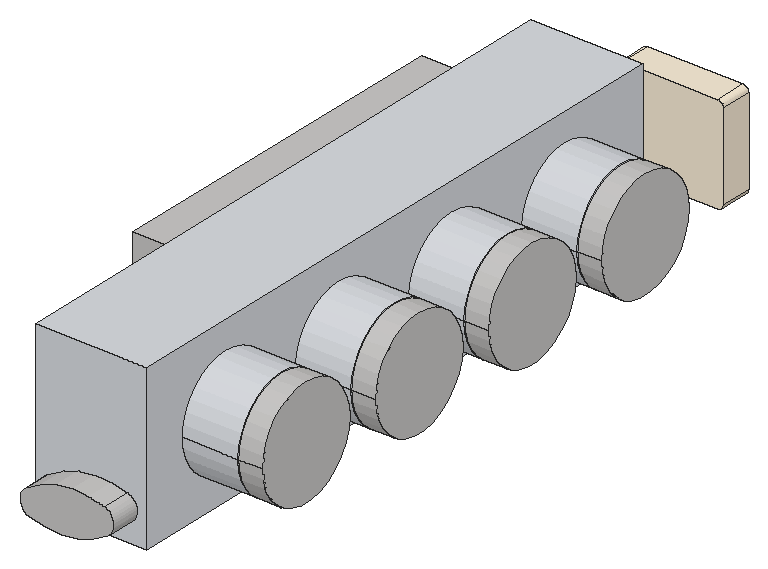
Revit family "HVAC_Ductwork_Airzone_Motorized-Plenum_Mitsubishi-Electric_Standard_4-Dampers", category Mechanical Equipment, Revit 2016
Family settings
  Part Type = Normal
  Round Connector Dimension = Use Diameter
  OmniClass Number = 23.75.70.14
  OmniClass Title = Air Ductwork
  Work Plane-Based = No
  Always vertical = Yes
  Cut with Voids When Loaded = No
  Shared = No
  Room Calculation Point = No
Parameters (values of type "MELST01XS4")
  Voltage = 230 V
  URL = "www.airzone.es"
  Type Image Comments = "Image available in product documentation download"  # constant formula
  Revit Model Version = "1.0"  # constant formula
  Revit Model Author URL = "www.a3d.es"
  Revit Model Author = "A3D Consulting"  # constant formula
  Product Documentation Download URL = "http://doc.airzone.es/BIM/Easyzone/Mitsubishi_Electric-Airzone_motorized_plenum.zip"
  Product Comments = "Refer to technical documentation for further details"  # constant formula
  Power Factor = 1
  Neck Width = 663.600 mm
  Neck Length = 95.000 mm
  Neck Height = 181.600 mm
  Material = Metal - AIRZONE - Galvanized Sheet - Semi-polished
  Main Control Board Material = Plastic - AIRZONE - Smooth - Off-white
  Load Classification = Other
  Insulated Body Width = 205.000 mm  # constant formula
  Insulated Body Material = Metal -AIRZONE - Insulating Lining -Aluminum Finish
  Insulated Body Length = 1140.000 mm  # constant formula
  Insulated Body Height = 300.000 mm  # constant formula
  Flow [instance] = Damper 4 Air Flow + Damper 3 Air Flow + Damper 2 Air Flow + Damper 1 Air Flow - Fresh Air Inlet 2 Flow - Fresh Air Inlet 1 Flow  # 1200 m³/h
  Fresh Air Inlet 1 Flow [instance] = 0 m³/h
  Fresh Air Inlet 2 Flow [instance] = 0 m³/h
  Fresh Air Inlet Connection Width = 175.000 mm
  Fresh Air Inlet Connection Height = 75.000 mm
  Model = "MELST01XS4"
  Neck Side Offset = 133.200 mm
  Neck Bottom Offset = 85.200 mm
  Type Image = <None>
  Manufacturer = "AIRZONE"  # constant formula
  Main Control Board Depth = 57.000 mm  # constant formula
  Main Control Board Width = 195.000 mm  # constant formula
  Main Control Board Height = 180.000 mm  # constant formula
  Fixing = ""
  Disclaimer = "All information provided in this model is reviewed before being published. However, Airzone cannot guarantee this model is error-free, therefore users are strongly encouraged to check for technical documentation and updates"  # constant formula
  Description = "Airzone standard motorized plenum with neck that mechanically adapts to the main ducted AC units of Mitsubishi Electric."
  Type Comments = ""
  Dampers Length = 149.000 mm  # constant formula
  Dampers Diameter = 200.000 mm  # constant formula
  Damper 4 Air Flow [instance] = 300 m³/h
  Damper 1 Air Flow [instance] = 300 m³/h
  Damper 2 Air Flow [instance] = 300 m³/h
  Damper 3 Air Flow [instance] = 300 m³/h
  Fresh Air Inlet Connection Offset Height = 48.305 mm  # constant formula
  Compatible Accesories = ""
  Apparent Load = 57.5 VA
Types (3, lengths in mm): name | Neck Width | Model | Neck Side Offset
  MELST01M4 | 1063.600 | "MELST01M4" | 38.200
  MELST01S4 | 863.600 | "MELST01S4" | 137.200
  MELST01XS4 | 663.600 | "MELST01XS4" | 133.200
Reference planes
  plane 1 "Center (Front/Back)": y = 0
  plane 2 "Center (Elevation)": z = 0
  plane 3 "Center (Left/Right)": x = 0
  plane 4 "Neck Back": y = 331.8
  plane 5 "Neck Front": y = -331.8
  plane 6 "Neck Top": z = 90.8
  plane 7 "Neck Bottom": z = -90.8
  plane 8 "Left": x = 95
  plane 9 "Bottom": z = -176
  plane 10 "Top": z = 124
  plane 11 "Front": y = -675
  plane 12 "Back": y = 465
  plane 13 "Right": x = 300
  plane 14 "Dampers Front": x = 449
  plane 15 "Dampers Center (Elevation)": z = -26
  plane 16 "Damper3": y = -235
  plane 17 "Damper2": y = 25
  plane 18 "Damper1": y = 285
  plane 19 "Middle": y = -105
  plane 20 "FreshAir Center (Elevation)": z = -127.695
  plane 21 "FreshAir1": y = 517.5
  plane 22 "FreshAir2": y = -727.5
  plane 23 "Dampers Lining": x = 404
  plane 24 "FreshAir Vertical Axis": x = 195.83
  plane 25 "ConnectionBox Side": x = 254
  plane 26 "Main Control Board Center (Left/Right)": x = 351.5
  plane 27 "Damper4": y = -495
Forms (mm)
  Extrusion 1, solid, material "Metal - AIRZONE - Galvanized Sheet - Semi-polished" <- "Material"
    sketch origin (0, 0, 0) x (0, 1, 0) y (0, 0, 1)
      loop
        line (-331.8, 90.8) -> (-331.8, -90.8) -> (331.8, -90.8) -> (331.8, 90.8) -> (-331.8, 90.8)
    from 0 to 95
  Extrusion 2, solid, material "Metal -AIRZONE - Insulating Lining -Aluminum Finish" <- "Insulated Body Material"
    sketch origin (95, 0, 0) x (0, 1, 0) y (0, 0, 1)
      loop
        line (-675, 124) -> (-675, -176) -> (465, -176) -> (465, 124) -> (-675, 124)
    from 0 to 205
  Extrusion 3, solid, material "Metal - AIRZONE - Galvanized Sheet - Semi-polished" <- "Material"
    sketch origin (300, 0, 0) x (0, 1, 0) y (0, 0, 1)
      loop
        circle (-235, -26) r 100
    from 104 to 149
  Extrusion 4, solid, material "Metal - AIRZONE - Galvanized Sheet - Semi-polished" <- "Material"
    sketch origin (300, 0, 0) x (0, 1, 0) y (0, 0, 1)
      loop
        circle (25, -26) r 100
    from 104 to 149
  Extrusion 5, solid, material "Metal - AIRZONE - Galvanized Sheet - Semi-polished" <- "Material"
    sketch origin (300, 0, 0) x (0, 1, 0) y (0, 0, 1)
      loop
        circle (285, -26) r 100
    from 104 to 149
  Extrusion 6, solid, material "Metal - AIRZONE - Galvanized Sheet - Semi-polished" <- "Material"
    sketch origin (0, -675, 0) x (0, 0, 1) y (1, 0, 0)
      loop
        arc (-95.141, 265.204) -> (-116.608, 282.105) -> (-141.312, 270.434) r 25.96
        arc (-141.312, 270.434) -> (-167.302, 200.598) -> (-159.849, 126.456) r 164.67
        arc (-159.849, 126.456) -> (-138.665, 109.589) -> (-113.994, 120.751) r 25.96
        arc (-113.994, 120.751) -> (-87.725, 190.78) -> (-95.141, 265.204) r 164.67
    from 0 to -52.5
  Extrusion 7, solid, material "Metal - AIRZONE - Galvanized Sheet - Semi-polished" <- "Material"
    sketch origin (0, 465, 0) x (0, 0, 1) y (1, 0, 0)
      loop
        arc (-95.141, 265.204) -> (-116.325, 282.071) -> (-140.996, 270.909) r 25.96
        arc (-140.996, 270.909) -> (-167.179, 201.53) -> (-160.267, 127.699) r 164.67
        arc (-160.267, 127.699) -> (-139.032, 109.637) -> (-113.678, 121.226) r 25.96
        arc (-113.678, 121.226) -> (-87.688, 191.062) -> (-95.141, 265.204) r 164.67
    from 0 to 52.5
  Extrusion 8, solid, material "Metal -AIRZONE - Insulating Lining -Aluminum Finish" <- "Insulated Body Material"
    sketch origin (300, 0, 0) x (0, 1, 0) y (0, 0, 1)
      loop
        circle (285, -26) r 100
    from 0 to 104
  Extrusion 9, solid, material "Metal -AIRZONE - Insulating Lining -Aluminum Finish" <- "Insulated Body Material"
    sketch origin (300, -260, 0) x (0, 1, 0) y (0, 0, 1)
      loop
        circle (285, -26) r 100
    from 0 to 104
  Extrusion 10, solid, material "Metal -AIRZONE - Insulating Lining -Aluminum Finish" <- "Insulated Body Material"
    sketch origin (300, -520, 0) x (0, 1, 0) y (0, 0, 1)
      loop
        circle (285, -26) r 100
    from 0 to 104
  Extrusion 11, solid, material "Metal - AIRZONE - Galvanized Sheet - Semi-polished" <- "Material"
    sketch origin (300, -190, 0) x (0, 1, 0) y (0, 0, 1)
      loop
        circle (-305, -26) r 100
    from 104 to 149
  Extrusion 12, solid, material "Metal -AIRZONE - Insulating Lining -Aluminum Finish" <- "Insulated Body Material"
    sketch origin (300, -710, 0) x (0, 1, 0) y (0, 0, 1)
      loop
        circle (215, -26) r 100
    from 0 to 104
Lines and regions (mm)
  Masking region 1
    outline origin (0, 0, 0) x (1, 0, 0) y (0, 1, 0)
      loop
        line (95, 465) -> (95, -675) -> (300, -675) -> (300, 465) -> (95, 465)
  Masking region 2, detail levels medium+fine
    outline origin (0, 0, 0) x (1, 0, 0) y (0, 1, 0)
      loop
        line (0, 331.8) -> (0, -331.8) -> (95, -331.8) -> (95, 331.8) -> (0, 331.8)
  Masking region 3, detail levels medium+fine
    outline origin (0, 0, 0) x (1, 0, 0) y (0, 1, 0)
      loop
        line (300, -135) -> (300, -335) -> (449, -335) -> (449, -135) -> (300, -135)
  Masking region 4, detail levels medium+fine
    outline origin (0, 260, 0) x (1, 0, 0) y (0, 1, 0)
      loop
        line (300, -135) -> (300, -335) -> (449, -335) -> (449, -135) -> (300, -135)
  Masking region 5, detail levels medium+fine
    outline origin (0, 520, 0) x (1, 0, 0) y (0, 1, 0)
      loop
        line (300, -135) -> (300, -335) -> (449, -335) -> (449, -135) -> (300, -135)
  Masking region 6, detail levels medium+fine
    outline origin (0, 0, -127.695) x (1, 0, 0) y (0, 1, 0)
      loop
        line (108.33, 517.5) -> (108.33, 465) -> (283.33, 465) -> (283.33, 517.5) -> (108.33, 517.5)
  Masking region 7, detail levels medium+fine
    outline origin (0, 0, -127.695) x (1, 0, 0) y (0, 1, 0)
      loop
        line (108.33, -675) -> (108.33, -727.5) -> (283.33, -727.5) -> (283.33, -675) -> (108.33, -675)
  Masking region 8, detail levels medium+fine
    outline origin (0, 0, 124) x (0, -1, 0) y (1, 0, 0)
      loop
        line (-522, 254) -> (-465, 254) -> (-465, 449) -> (-522, 449) -> (-522, 254)
  Masking region 9, detail levels medium+fine
    outline origin (0, -190, 0) x (1, 0, 0) y (0, 1, 0)
      loop
        line (300, -205) -> (300, -405) -> (449, -405) -> (449, -205) -> (300, -205)
  symbolic lines, detail levels coarse
    curve 1: line (95, -675, 0) -> (300, -105, 0)
    curve 2: line (300, -105, 0) -> (95, 465, 0)
Dimensions and locks
  equal spacing: plane 4 "Neck Back", plane 1 "Center (Front/Back)", plane 5 "Neck Front"
  "Neck Width": plane 4 "Neck Back" to plane 5 "Neck Front"
  equal spacing: plane 6 "Neck Top", level, plane 7 "Neck Bottom"
  "Neck Height": plane 6 "Neck Top" to plane 7 "Neck Bottom"
  "Neck Length": plane 3 "Center (Left/Right)" to plane 8 "Left"
  "Neck Bottom Offset": plane 7 "Neck Bottom" to plane 9 "Bottom"
  "Insulated Body Height": plane 10 "Top" to plane 9 "Bottom"
  "Insulated Body Length": plane 12 "Back" to plane 11 "Front"
  "Insulated Body Width": plane 8 "Left" to plane 13 "Right"
  "Dampers Length": plane 13 "Right" to plane 14 "Dampers Front"
  equal spacing: plane 10 "Top", plane 15 "Dampers Center (Elevation)", plane 9 "Bottom"
  equal spacing: plane 12 "Back", plane 19 "Middle", plane 11 "Front"
  plane 8 "Left" to plane 13 "Right" = 205.000 mm
  "Fresh Air Inlet Connection Offset Height": plane 20 "FreshAir Center (Elevation)" to plane 9 "Bottom"
  locked: Extrusion 6 sketch curve to plane 9 "Bottom" at 56.47
  locked: plane 13 "Right" to Extrusion 6 sketch curve at 43.69
  locked: plane 13 "Right" to Extrusion 6 sketch curve at 164.65
  locked: Extrusion 6 sketch curve to plane 9 "Bottom" at 40.54
  locked: plane 13 "Right" to Extrusion 6 sketch curve at 87.91
  locked: plane 9 "Bottom" to Extrusion 6 sketch curve at 75.01
  locked: plane 13 "Right" to Extrusion 6 sketch curve at 120.43
  locked: Extrusion 6 sketch curve to plane 9 "Bottom" at 172.02
  locked: plane 13 "Right" to Extrusion 7 sketch curve at 43.69
  locked: Extrusion 7 sketch curve to plane 9 "Bottom" at 56.47
  locked: Extrusion 7 sketch curve to plane 9 "Bottom" at 40.54
  locked: plane 13 "Right" to Extrusion 7 sketch curve at 164.65
  locked: plane 13 "Right" to Extrusion 7 sketch curve at 120.43
  locked: Extrusion 7 sketch curve to plane 9 "Bottom" at 172.02
  locked: plane 9 "Bottom" to Extrusion 7 sketch curve at 75.01
  locked: plane 13 "Right" to Extrusion 7 sketch curve at 87.91
  "Neck Side Offset": plane 12 "Back" to plane 4 "Neck Back"
  locked: plane 21 "FreshAir1" to plane 12 "Back" at 52.5
  plane 11 "Front" to plane 22 "FreshAir2" = 52.500 mm
  locked: connector elem to plane 13 "Right" at 104.17
  locked: plane 20 "FreshAir Center (Elevation)" to connector elem
  locked: plane 13 "Right" to connector elem at 104.17
  locked: connector elem to plane 20 "FreshAir Center (Elevation)"
  locked: plane 23 "Dampers Lining" to plane 14 "Dampers Front" at 45
  locked: plane 24 "FreshAir Vertical Axis" to plane 13 "Right" at 104.17
  equal spacing: Masking region 3 sketch curve, plane 16 "Damper3", Masking region 3 sketch curve
  "Dampers Diameter": Masking region 3 sketch curve to Masking region 3 sketch curve
  "Dampers Diameter": Masking region 4 sketch curve to Masking region 4 sketch curve
  equal spacing: Masking region 5 sketch curve, plane 18 "Damper1", Masking region 5 sketch curve
  "Dampers Diameter": Masking region 5 sketch curve to Masking region 5 sketch curve
  equal spacing: Masking region 6 sketch curve, plane 24 "FreshAir Vertical Axis", Masking region 6 sketch curve
  "Fresh Air Inlet Connection Width": Masking region 6 sketch curve to Masking region 6 sketch curve
  equal spacing: Masking region 7 sketch curve, plane 24 "FreshAir Vertical Axis", Masking region 7 sketch curve
  "Fresh Air Inlet Connection Width": Masking region 7 sketch curve to Masking region 7 sketch curve
  "Main Control Board Depth": Masking region 8 sketch curve to plane 12 "Back"
  "Main Control Board Width": plane 25 "ConnectionBox Side" to plane 14 "Dampers Front"
  equal spacing: plane 25 "ConnectionBox Side", plane 26 "Main Control Board Center (Left/Right)", plane 14 "Dampers Front"
  locked: nested 1 to plane 10 "Top" at 10
  equal spacing: Masking region 4 sketch curve, plane 17 "Damper2", Masking region 4 sketch curve
  equal spacing: Masking region 9 sketch curve, plane 27 "Damper4", Masking region 9 sketch curve
  "Dampers Diameter": Masking region 9 sketch curve to Masking region 9 sketch curve
  plane 18 "Damper1" to plane 17 "Damper2" to plane 16 "Damper3" to plane 27 "Damper4" = 260.000 mm locked, 260.000 mm locked, 260.000 mm locked
  locked: plane 17 "Damper2" to plane 19 "Middle" at 130
  "Dampers Diameter": diameter of Extrusion 3 sketch curve
  "Dampers Diameter": diameter of Extrusion 4 sketch curve
  "Dampers Diameter": diameter of Extrusion 5 sketch curve
  radius of Extrusion 7 sketch curve = 164.670 mm  (x2)
  radius of Extrusion 7 sketch curve = 25.960 mm  (x2)
  radius of Extrusion 6 sketch curve = 164.670 mm  (x2)
  radius of Extrusion 6 sketch curve = 25.960 mm  (x2)
  "Dampers Diameter": diameter of Extrusion 8 sketch curve
  "Dampers Diameter": diameter of Extrusion 9 sketch curve
  "Dampers Diameter": diameter of Extrusion 10 sketch curve
  "Dampers Diameter": diameter of Extrusion 11 sketch curve
  "Dampers Diameter": diameter of Extrusion 12 sketch curve
  aligned and locked: level to plane 2 "Center (Elevation)"
  aligned and locked: plane 5 "Neck Front" to Extrusion 1 sketch curve
  aligned and locked: Extrusion 1 sketch curve to plane 6 "Neck Top"
  aligned and locked: Extrusion 1 sketch curve to plane 4 "Neck Back"
  aligned and locked: plane 7 "Neck Bottom" to Extrusion 1 sketch curve
  aligned and locked: Extrusion 1 to plane 3 "Center (Left/Right)"
  aligned and locked: Extrusion 2 sketch curve to plane 10 "Top"
  aligned and locked: Extrusion 2 sketch curve to plane 12 "Back"
  aligned and locked: plane 9 "Bottom" to Extrusion 2 sketch curve
  aligned and locked: plane 11 "Front" to Extrusion 2 sketch curve
  aligned and locked: plane 13 "Right" to Extrusion 2
  aligned and locked: Extrusion 2 to plane 8 "Left"
  aligned and locked: plane 16 "Damper3" to Extrusion 3 sketch curve
  aligned and locked: plane 15 "Dampers Center (Elevation)" to Extrusion 3 sketch curve
  aligned and locked: plane 15 "Dampers Center (Elevation)" to Extrusion 4 sketch curve
  aligned and locked: plane 18 "Damper1" to Extrusion 5 sketch curve
  aligned and locked: plane 15 "Dampers Center (Elevation)" to Extrusion 5 sketch curve
  aligned and locked: plane 14 "Dampers Front" to Extrusion 5
  aligned and locked: plane 14 "Dampers Front" to Extrusion 4
  aligned and locked: plane 14 "Dampers Front" to Extrusion 3
  aligned and locked: plane 8 "Left" to Extrusion 1
  aligned and locked: plane 22 "FreshAir2" to Extrusion 6
  aligned and locked: plane 21 "FreshAir1" to Extrusion 7
  aligned and locked: Extrusion 7 to plane 12 "Back"
  aligned and locked: plane 11 "Front" to Extrusion 6
  aligned and locked: Extrusion 5 to plane 23 "Dampers Lining"
  aligned and locked: Extrusion 5 to Extrusion 4
  aligned and locked: Extrusion 4 to Extrusion 3
  aligned and locked: plane 23 "Dampers Lining" to Extrusion 8
  aligned and locked: Extrusion 10 to plane 13 "Right"
  aligned and locked: plane 23 "Dampers Lining" to Extrusion 10
  aligned and locked: Extrusion 9 to plane 13 "Right"
  aligned and locked: plane 23 "Dampers Lining" to Extrusion 9
  aligned and locked: Extrusion 8 to plane 13 "Right"
  aligned and locked: Extrusion 9 to Extrusion 8
  aligned and locked: plane 18 "Damper1" to Extrusion 8 sketch curve
  aligned and locked: plane 15 "Dampers Center (Elevation)" to Extrusion 8 sketch curve
  aligned and locked: plane 15 "Dampers Center (Elevation)" to Extrusion 9 sketch curve
  aligned and locked: plane 16 "Damper3" to Extrusion 10 sketch curve
  aligned and locked: plane 15 "Dampers Center (Elevation)" to Extrusion 10 sketch curve
  aligned and locked: Masking region 1 sketch curve to plane 12 "Back"
  aligned and locked: plane 8 "Left" to Masking region 1 sketch curve
  aligned and locked: Masking region 1 sketch curve to plane 13 "Right"
  aligned and locked: plane 11 "Front" to Masking region 1 sketch curve
  aligned and locked: plane 5 "Neck Front" to Masking region 2 sketch curve
  aligned and locked: plane 3 "Center (Left/Right)" to Masking region 2 sketch curve
  aligned and locked: Masking region 2 sketch curve to plane 4 "Neck Back"
  aligned and locked: Masking region 2 sketch curve to plane 8 "Left"
  aligned and locked: plane 13 "Right" to Masking region 3 sketch curve
  aligned and locked: Masking region 3 sketch curve to plane 14 "Dampers Front"
  aligned and locked: plane 13 "Right" to Masking region 4 sketch curve
  aligned and locked: Masking region 4 sketch curve to plane 14 "Dampers Front"
  aligned and locked: plane 13 "Right" to Masking region 5 sketch curve
  aligned and locked: Masking region 5 sketch curve to plane 14 "Dampers Front"
  aligned and locked: plane 12 "Back" to Masking region 6 sketch curve
  aligned and locked: Masking region 6 sketch curve to plane 21 "FreshAir1"
  aligned and locked: Masking region 7 sketch curve to plane 11 "Front"
  aligned and locked: Masking region 7 sketch curve to plane 22 "FreshAir2"
  aligned and locked: plane 12 "Back" to Masking region 8 sketch curve
  aligned and locked: Masking region 8 sketch curve to plane 14 "Dampers Front"
  aligned and locked: plane 25 "ConnectionBox Side" to Masking region 8 sketch curve
  aligned and locked: plane 17 "Damper2" to Extrusion 9 sketch curve
  aligned and locked: plane 17 "Damper2" to Extrusion 4 sketch curve
  aligned and locked: Masking region 9 sketch curve to plane 14 "Dampers Front"
  aligned and locked: plane 13 "Right" to Masking region 9 sketch curve
  aligned and locked: Extrusion 12 to plane 13 "Right"
  aligned and locked: plane 23 "Dampers Lining" to Extrusion 12
  aligned and locked: Extrusion 11 to plane 23 "Dampers Lining"
  aligned and locked: plane 14 "Dampers Front" to Extrusion 11
  aligned and locked: plane 15 "Dampers Center (Elevation)" to Extrusion 12 sketch curve
  aligned and locked: plane 27 "Damper4" to Extrusion 12 sketch curve
  aligned and locked: plane 15 "Dampers Center (Elevation)" to Extrusion 11 sketch curve
  aligned and locked: plane 27 "Damper4" to Extrusion 11 sketch curve
  aligned and locked: nested 1 to plane 26 "Main Control Board Center (Left/Right)"
Automatic sketch dimensions
  curve 2 to plane 8 "Left" = 0.000 mm
  curve 1 to plane 8 "Left" = 0.000 mm
  curve 2 to plane 13 "Right" = 0.000 mm
  curve 1 to plane 11 "Front" = 0.000 mm
  curve 2 to plane 19 "Middle" = 0.000 mm
  curve 2 to plane 12 "Back" = 0.000 mm
Nested families
  nested 1: "Airzone_Main-Control-Board" at (351.5, 465, 24) x (-1, 0, 0) z (0, 1, 0), Extrusion <- "Main Control Board Depth", Height <- "Main Control Board Height", Width <- "Main Control Board Width", Material <- "Main Control Board Material", type "Standard"
    with Width 195.000 mm, Material Plastic - AIRZONE - Smooth - Off-white, Height 180.000 mm, Extrusion 57.000 mm
Connectors
  hvac at (449, -235, -26), driven by "Damper 3 Air Flow", driven by "Dampers Diameter"
    settings: on Extrusion 3, index 1, duct flow 300 m³/h, flow factor 0, pres drop 0.0 Pa, loss coef 0, conn angle 0.00°, conn width 304.8 mm, conn height 304.8 mm, conn diameter 200 mm, duct sys type 1, conn prof type 0, flow config 0, flow direction 2, loss method 0, conn ref index -1, conn util no, is conn primary no, conn desc "Supply Air Out 3"
  hvac at (449, 25, -26), driven by "Damper 2 Air Flow", driven by "Dampers Diameter"
    settings: on Extrusion 4, index 2, duct flow 300 m³/h, flow factor 0, pres drop 0.0 Pa, loss coef 0, conn angle 0.00°, conn width 304.8 mm, conn height 304.8 mm, conn diameter 200 mm, duct sys type 1, conn prof type 0, flow config 0, flow direction 2, loss method 0, conn ref index -1, conn util no, is conn primary no, conn desc "Supply Air Out 2"
  hvac at (449, 285, -26), driven by "Damper 1 Air Flow", driven by "Dampers Diameter"
    settings: on Extrusion 5, index 3, duct flow 300 m³/h, flow factor 0, pres drop 0.0 Pa, loss coef 0, conn angle 0.00°, conn width 304.8 mm, conn height 304.8 mm, conn diameter 200 mm, duct sys type 1, conn prof type 0, flow config 0, flow direction 2, loss method 0, conn ref index -1, conn util no, is conn primary no, conn desc "Supply Air Out 1"
  hvac at (0, 0, 0), driven by "Flow", driven by "Neck Height", driven by "Neck Width"
    settings: on Extrusion 1, index 6, duct flow 1200 m³/h, flow factor 0, pres drop 0.0 Pa, loss coef 0, conn angle 0.00°, conn width 663.6 mm, conn height 181.6 mm, conn diameter 609.6 mm, duct sys type 1, conn prof type 1, flow config 1, flow direction 1, loss method 0, conn ref index -1, conn util no, is conn primary yes, conn desc "Supply Air In"
  hvac at (195.83, -727.5, -127.695), driven by "Fresh Air Inlet 2 Flow", driven by "Fresh Air Inlet Connection Width", driven by "Fresh Air Inlet Connection Height"
    settings: index 7, duct flow 0 m³/h, flow factor 0, pres drop 0.0 Pa, loss coef 0, conn angle 0.00°, conn width 175 mm, conn height 75 mm, conn diameter 609.6 mm, duct sys type 1, conn prof type 2, flow config 1, flow direction 1, loss method 0, conn ref index -1, conn util no, is conn primary no, conn desc "Fresh Air In 2"
  hvac at (195.83, 517.5, -127.695), driven by "Fresh Air Inlet 1 Flow", driven by "Fresh Air Inlet Connection Height", driven by "Fresh Air Inlet Connection Width"
    settings: index 8, duct flow 0 m³/h, flow factor 0, pres drop 0.0 Pa, loss coef 0, conn angle 0.00°, conn width 175 mm, conn height 75 mm, conn diameter 609.6 mm, duct sys type 1, conn prof type 2, flow config 1, flow direction 1, loss method 0, conn ref index -1, conn util no, is conn primary no, conn desc "Fresh Air In 1"
  hvac at (449, -495, -26), driven by "Damper 4 Air Flow", driven by "Dampers Diameter"
    settings: on Extrusion 11, index 9, duct flow 300 m³/h, flow factor 0, pres drop 0.0 Pa, loss coef 0, conn angle 0.00°, conn width 304.8 mm, conn height 304.8 mm, conn diameter 200 mm, duct sys type 1, conn prof type 0, flow config 0, flow direction 2, loss method 0, conn ref index -1, conn util no, is conn primary no, conn desc "Supply Air Out 4"
  electrical at (351.5, 522, 24), driven by "Load Classification", driven by "Voltage", driven by "Apparent Load", driven by "Power Factor"
    settings: on nested 1, index 10, voltage 230 V, apparent load 57.5 VA, apparent load phase1 0 VA, apparent load phase2 0 VA, apparent load phase3 0 VA, power factor 1, load classification "Other", number of poles 1, system type 30, power factor state 1, is connector primary yes, connector utility no, sub classification motor no, connector description "Power Supply"
Definition of nested family "Airzone_Main-Control-Board"
  Parameters (values of type "Standard")
    Width [instance] = 195.000 mm
    URL = "www.airzone.es"
    Revit Model Version = "1.0"  # constant formula
    Revit Model Author URL = "www.a3d.es"
    Revit Model Author = "A3D Consulting"  # constant formula
    Material [instance] = none
    Manufacturer = "AIRZONE"  # constant formula
    Height [instance] = 180.000 mm
    Extrusion [instance] = 57.000 mm
    Default Elevation = 0.000 mm
  Reference planes
    plane 1 "Center (Front/Back)": y = 0
    plane 2: z = 0
    plane 3 "Center (Left/Right)": x = 0
    plane 4: y = 90
    plane 5: y = -90
    plane 6: x = 97.5
    plane 7: x = -97.5
  Forms (mm)
    Extrusion 1, solid, material <- "Material"
      sketch origin (0, 0, 0) x (1, 0, 0) y (0, 1, 0)
        loop
          arc (-87.5, 90) -> (-94.571, 87.071) -> (-97.5, 80) r 10
          line (-97.5, 80) -> (-97.5, -80)
          arc (-97.5, -80) -> (-94.571, -87.071) -> (-87.5, -90) r 10
          line (-87.5, -90) -> (87.5, -90)
          arc (87.5, -90) -> (94.571, -87.071) -> (97.5, -80) r 10
          line (97.5, -80) -> (97.5, 80)
          arc (97.5, 80) -> (94.571, 87.071) -> (87.5, 90) r 10
          line (87.5, 90) -> (-87.5, 90)
      from 0 to 57 <- "Extrusion"
  Dimensions and locks
    equal spacing: plane 7, plane 3 "Center (Left/Right)", plane 6
    equal spacing: plane 4, plane 1 "Center (Front/Back)", plane 5
    "Width": plane 7 to plane 6
    "Height": plane 4 to plane 5
    radius of Extrusion 1 sketch curve = 10.000 mm  (x4)
    aligned and locked: level to plane 2
    aligned and locked: plane 5 to Extrusion 1 sketch curve
    aligned and locked: Extrusion 1 sketch curve to plane 6
    aligned and locked: Extrusion 1 sketch curve to plane 4
    aligned and locked: plane 7 to Extrusion 1 sketch curve
